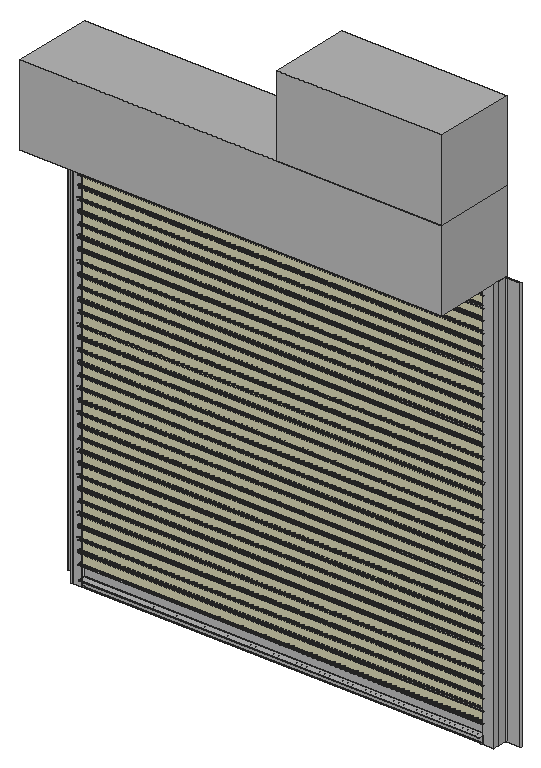
Revit family "Door-Service_Extreme-1024-FaceOfWallMount-Cookson", category Doors, host Wall, Revit 2013
Parameters (values of type "Motor Top Mount Right")
  Windload = "Up to 20psf Ultimate/10psf operable standard.  A full range of specific wind load requirements available- Consult Cookson."  # constant formula
  Wall Construction = "Masonry, Steel , Mounting to Tubes"  # constant formula
  URL Specifications = "http://www.cooksondoor.com/docs/default-source/Specifications/extreme-performance-1024-insulated-rolling-service-door-specification_k.doc"
  URL Photographs = "http://www.cooksondoor.com/product/extreme-1024-high-performance-door"
  URL CAD = "http://www.cornelliron.com/architect-tools-and-resources/drawing-generator"
  URL = "http://www.cooksondoor.com/product/extreme-1024-high-performance-door"
  Sizing Disclaimer = "Up to 30’ wide, 20’ high standard construction. Consult factory for larger sizes"  # constant formula
  Revit Object Download Link = "http://cornellcookson.smartbim.com/download/Door-Service_Extreme-1024-FaceOfWallMount-Cookson"
  Optional Powder Coated Finish Standard RAL Colors Galv Steel and Aluminum Only = yes
  Subcategory = "Roll Up"  # constant formula
  Sound Transmission Class Rating = "Insulated version STC 27, based on a complete, operable door assembly"  # constant formula
  Shutter Panel Width = Width + (2 * 0' 1 255/256")  # 8' - 3 127/128"
  Representative Disclaimer = "Cookson' products are sold and installed through a nationwide network of independent distributors."  # constant formula
  Product Options = "Vision Windows, Fenestrations, Sloping Bottom Bar, Sloped hood"  # constant formula
  Operator Width = Width - 2 * 0' 3 31/128"  # 7' - 5 33/64"
  Opening Width = Width  # 8' - 0"
  Opening Height = Height  # 10' - 0"
  Open Speed = "24 ips max"  # constant formula
  Mounting = "Face of Wall"  # constant formula
  Jamb Dimension Note = "Face of Wall: 4 5/8” to  8 5/16” wide. Consult Cornell Iron Works when dimensions are critical. Between Jambs:  13 13/16\" wide. Consult Cornell Iron Works when dimensions are critical."
  Insulation Solid Polyurethane Visibility = yes
  Insulation Panel = Insulation - CornellIron - Plastic Smooth Ash
  Motor Length = 3' - 4"  # constant formula
  Motor Height = 1' - 7 1/2"  # constant formula
  Motor Depth = 1' - 7 1/2"  # constant formula
  Motor Cover Visibility Top Right Standard = yes
  Motor Cover Visibility Top Left Standard = no
  Motor Cover Visibility Front Right Standard = no
  Motor Cover Visibility Front Left Standard = no
  Model = "Standard EPD1024, Insulated EPI1024"  # constant formula
  Manufacturer = "CornellCookson,Inc."  # constant formula
  LEED Information = "http://www.cooksondoor.com/architect-tools-and-resources/leed-information"
  Jamb Height = Height - Hood Height  # 8' - 4 1/2"
  Hood Height = 1' - 7 1/2"  # constant formula
  Hood Depth = 1' - 7 1/2"  # constant formula
  Hood = Metal - Steel - CornellIron - Steel - w - Powder Coated - Rust Inhibiting Paint
  Guides = Metal - Steel - CornellIron - Steel - w - Powder Coated - Rust Inhibiting Paint
  Function = Interior
  Height = 10' - 0"
  Wall Closure = By host
  Width = 8' - 0"
  Distributor Locator = "http://www.cooksondoor.com/find-a-dealer"
  Description = "Extreme 1024 high-speed, high-cycle doors provide a proven combination of steel door security, minimal maintenance requirements and exceptional cycle life unmatched by other performance doors. Extreme 1024 doors are tested to perform for over a million cycles at an opening speed of up to 24In per second - three times faster than standard coiling or overhead sectional doors. Designed to maximize your return on investment, the 1024 door provides the lowest lifetime cost and lowest cost-per-cycle versus other high-speed slatted products. And, its cost-per-cycle savings dramatically increase when compared to standard coiling doors that may be mistakenly considered for high-cycle openings. Available in standard and insulated curtains."  # constant formula
  Cycle Life = "1,000,000 cycles"  # constant formula
  Curtain Slats Filled w Insulation = Metal - Galvanized Steel - CornellIron - Stainless Steel Brushed - Curtain Only
  Cost Note = "Based on size, materials selected. Consult Cookson."  # constant formula
  Coil Dimension Note = "20In to 26In -  Consult Cookson when dimensions are critical."  # constant formula
  Closing Speed = "12 ips max"  # constant formula
  Chain Height = 5' - 0"  # constant formula
  Bottom Bar = Metal - Steel - CornellIron - Stainless Steel - Double Angle w Powder Coat
  95 CSI = "08330"  # constant formula
  04 CSI = "08 33 00"  # constant formula
  # of Shutter Panles = ((Height - (0' 4 1/8" + Hood Height)) / 0' 2 93/128") + 1  # 36
Types (5): name | Jamb Dimension Note | Motor Cover Visibility Top Right Standard | Motor Cover Visibility Top Left Standard | Motor Cover Visibility Front Right Standard | Motor Cover Visibility Front Left Standard
  (no name) | "Face of Wall: 4 5/8” to  8 5/16” wide. Consult Cornell Iron Works when dimensions are critical. Between Jambs:  13 13/16\" wide. Consult Cornell Iron Works when dimensions are critical." | yes | no | no | no
  Motor Front Mount Left | "Face of Wall: 4 5/8” to  8 5/16” wide. Consult Cookson when dimensions are critical. Between Jambs:  13 13/16\" wide. Consult Cookson when dimensions are critical." | no | no | no | yes
  Motor Front Mount Right | "Face of Wall: 4 5/8” to  8 5/16” wide. Consult Cornell Iron Works when dimensions are critical. Between Jambs:  13 13/16\" wide. Consult Cornell Iron Works when dimensions are critical." | no | no | yes | no
  Motor Top Mount Right | "Face of Wall: 4 5/8” to  8 5/16” wide. Consult Cornell Iron Works when dimensions are critical. Between Jambs:  13 13/16\" wide. Consult Cornell Iron Works when dimensions are critical." | yes | no | no | no
  Motor Top Mount Left | "Face of Wall: 4 5/8” to  8 5/16” wide. Consult Cornell Iron Works when dimensions are critical. Between Jambs:  13 13/16\" wide. Consult Cornell Iron Works when dimensions are critical." | no | yes | no | no
Reference planes (in)
  plane 1 "Center (Front/Back)": y = 0
  plane 2 "Center (Left/Right)": x = 0.00023
  plane 3 "Top": z = 120
  plane 4 "Exterior": y = 3
  plane 5 "Interior": y = -3
  plane 6: z = 3.71875
  plane 7: y = -6
  plane 8: x = 47.49172
  plane 9: x = -47.49172
  plane 10: y = -12.14029
  plane 11: z = 4.12519
  plane 12: x = -45.49316
  plane 13: x = 45.49363
  plane 14: z = 6.85141
  plane 15: z = 100.5
  plane 16 "Left": x = -47.99977
  plane 17: x = -47.74977
  plane 18 "Right": x = 48.00023
  plane 19: x = 47.75023
  plane 20: x = 48.00023
  plane 21: y = -22.5
  plane 22: z = 110.25
  plane 23: y = -12.75
  plane 24: x = -47.99977
  plane 25: z = 0
  plane 26: x = -47.99977
  plane 27: x = 48.00023
  plane 28: x = 46.74575
  plane 29: x = 49.99633
  plane 30: x = -49.99586
  plane 31: x = -48.49977
  plane 32: x = 48.50023
  plane 33: x = 51.00828
  plane 34: x = -51.00781
Forms (in)
  Sweep 1, solid, material "Metal - Steel - CornellIron - Stainless Steel - Double Angle w Powder Coat" <- "Bottom Bar"
    path origin (0, 0, 0) x (1, 0, 0) y (0, 1, 0)
      loop
        line (-48.49977, -6) -> (48.50023, -6)
    profile "Profile_Shutter-Bottom : Parametric" origin (0.00023, -6, 0) x (0, 1, 0) y (0, 0, 1)
      loop
        arc (-1.98389, 1.8432) -> (-2.00598, 1.83405) -> (-2.01514, 1.81195) r 0.03125
        line (-2.01514, 1.81195) -> (-2.01514, 1.7182) -> (-1.02042, 1.7182) -> (-1.02042, 0.27232)
        arc (-1.02042, 0.27232) -> (-0.94066, 0.07976) -> (-0.7481, 0) r 0.27232
        line (-0.7481, 0) -> (0.75043, 0)
        arc (0.75043, 0) -> (0.943, 0.07976) -> (1.02276, 0.27232) r 0.27232
        line (1.02276, 0.27232) -> (1.02276, 1.7182) -> (2.01286, 1.7182) -> (2.01286, 1.81195)
        arc (2.01286, 1.81195) -> (2.00371, 1.83405) -> (1.98161, 1.8432) r 0.03125
        line (1.98161, 1.8432) -> (0.20036, 1.8432)
        arc (0.20036, 1.8432) -> (0.15617, 1.86151) -> (0.13786, 1.9057) r 0.0625
        line (0.13786, 1.9057) -> (0.13786, 3.68695)
        arc (0.13786, 3.68695) -> (0.12871, 3.70905) -> (0.10661, 3.7182) r 0.03125
        line (0.10661, 3.7182) -> (0.01758, 3.7182) -> (0.01758, 1.7182) -> (-0.01758, 1.7182) -> (-0.01758, 3.7182) -> (-0.10889, 3.7182)
        arc (-0.10889, 3.7182) -> (-0.13098, 3.70905) -> (-0.14014, 3.68695) r 0.03125
        line (-0.14014, 3.68695) -> (-0.14014, 1.9057)
        arc (-0.14014, 1.9057) -> (-0.15844, 1.86151) -> (-0.20264, 1.8432) r 0.0625
        line (-0.20264, 1.8432) -> (-1.98389, 1.8432)
  Sweep 2, solid, material "Metal - Galvanized Steel - CornellIron - Stainless Steel Brushed - Curtain Only" <- "Curtain Slats Filled w Insulation"
    path origin (0, 0, 3.71875) x (1, 0, 0) y (0, 1, 0)
      loop
        line (-49.99586, -6) -> (49.99633, -6)
    profile "Profile_Shutter-Bottom Piece : Parametric" origin (0.00023, -6, 3.71875) x (0, 1, 0) y (0, 0, 1)
      loop
        arc (-0.37489, 0.23753) -> (-0.35382, 0.58971) -> (-0.03361, 0.44159) r 0.21354
        line (-0.03361, 0.44159) -> (-0.00349, 0.45138)
        arc (-0.00349, 0.45138) -> (-0.38162, 0.60918) -> (-0.37521, 0.1995) r 0.24491
        line (-0.37521, 0.1995) -> (-0.04434, 0.03306)
        arc (-0.04434, 0.03306) -> (-0.02406, 0.01446) -> (-0.01656, -0.01202) r 0.05046
        line (-0.01656, -0.01202) -> (-0.01656, -2.00055) -> (0.01757, -2.00055) -> (0.01757, -0.01202)
        arc (0.01757, -0.01202) -> (0.00499, 0.03237) -> (-0.02901, 0.06355) r 0.08459
        line (-0.02901, 0.06355) -> (-0.37489, 0.23753)
  Sweep 3, solid, material "Metal - Steel - CornellIron - Steel - w - Powder Coated - Rust Inhibiting Paint" <- "Hood"
    path origin (108.1488, 12, 100.5) x (1, 0, 0) y (0, 1, 0)
      loop
        line (-159.15661, -18) -> (-57.14052, -18)
    profile "Profile_Hood-CornellIron : Parametric" origin (0.00023, -6, 100.5) x (0, 1, 0) y (0, 0, 1)
      loop
        line (3, 19.5) -> (-16.5, 19.5) -> (-16.5, 0) -> (3, 0) -> (3, 19.5)
Lines and regions (in)
  Opening 1
    outline origin (-90, -3, 0) x (1, 0, 0) y (0, 0, 1)
      loop
        line (42.00023, 0) -> (138.00023, 0) -> (138.00023, 120) -> (42.00023, 120) -> (42.00023, 0)
  symbolic lines, style "Hood"
    curve 1: line (-51.00781, -3, 100.5) -> (-51.00781, -22.5, 100.5)
    curve 2: line (-51.00781, -22.5, 100.5) -> (51.00828, -22.5, 100.5)
    curve 3: line (51.00828, -3, 100.5) -> (51.00828, -22.5, 100.5)
    curve 4: line (-51.00781, -3, 100.5) -> (51.00828, -3, 100.5)
  symbolic lines, style "Doors"
    curve 5: line (49.99633, -5.75926, 100.5) -> (-49.99586, -5.75926, 100.5)
    curve 6: line (-49.99586, -5.75926, 100.5) -> (-49.99586, -6.52619, 100.5)
    curve 7: line (-49.99586, -6.52619, 100.5) -> (49.99633, -6.52619, 100.5)
    curve 8: line (49.99633, -6.52619, 100.5) -> (49.99633, -5.75926, 100.5)
    curve 9: line (-48.49977, -3.98714, 100.5) -> (48.50023, -3.98714, 100.5)
    curve 10: line (-48.49977, -8.01514, 100.5) -> (-48.49977, -6.52619, 100.5)
    curve 11: line (48.50023, -8.01514, 100.5) -> (-48.49977, -8.01514, 100.5)
    curve 12: line (48.50023, -3.98714, 100.5) -> (48.50023, -5.75926, 100.5)
    curve 13: line (-48.49977, -5.75926, 100.5) -> (-48.49977, -3.98714, 100.5)
    curve 14: line (48.50023, -6.52619, 100.5) -> (48.50023, -8.01514, 100.5)
Text (in)
  text "Exterior" at (-158.51321, 27.31104, 0), in view "Ref. Level"
  text "Interior" at (-158.51321, -25.14366, 0), in view "Ref. Level"
  text "Exterior" at (0, 40.15149, 123.01588), in view "Right"
  text "Interior" at (0, -64.39139, 123.01588), in view "Right"
  text "Interior" at (0, -31.01599, 123.00693), in view "Left"
  text "Exterior" at (0, 54.57065, 123.00693), in view "Left"
Dimensions and locks (in)
  "Height": level to plane 3 "Top"
  locked: level to plane 6 at 3.71875
  locked: plane 11 to plane 6 at 0.40644
  locked: plane 14 to plane 11 at 2.72622
  "Hood Height": plane 15 to plane 3 "Top"
  locked: plane 16 "Left" to plane 17 at 0.25
  locked: plane 18 "Right" to plane 19 at 0.25
  locked: plane 18 "Right" to plane 20
  equal spacing: plane 3 "Top", plane 22, plane 15
  locked: plane 24 to plane 16 "Left"
  equal spacing: plane 16 "Left", plane 2 "Center (Left/Right)", plane 18 "Right"
  "Width": plane 16 "Left" to plane 18 "Right"
  "Hood Depth": plane 21 to plane 5 "Interior"
  equal spacing: plane 21, plane 23, plane 5 "Interior"
  locked: plane 7 to plane 5 "Interior" at 3
  locked: plane 18 "Right" to plane 28 at 1.25449
  equal spacing: plane 16 "Left", plane 26, plane 24
  equal spacing: plane 18 "Right", plane 27, plane 20
  locked: plane 16 "Left" to plane 9 at 0.50805
  locked: plane 8 to plane 18 "Right" at 0.50852
  locked: plane 18 "Right" to plane 29 at 1.99609
  locked: plane 30 to plane 16 "Left" at 1.99609
  locked: plane 13 to plane 18 "Right" at 2.50661
  locked: plane 16 "Left" to plane 12 at 2.50661
  locked: plane 31 to plane 26 at 0.5
  locked: plane 27 to plane 32 at 0.5
  locked: plane 33 to plane 27 at 3.00805
  locked: plane 34 to plane 26 at 3.00805
  equal spacing: group 1, group 2, group 3, group 4, group 5, group 6, group 7, group 8, group 9, group 10, group 11, group 12, group 13, group 14, group 15, group 16, group 17, group 18, group 19, group 20, group 21, group 22, group 23, group 24, group 25, group 26, group 27, group 28, group 29, group 30, group 31, group 32, group 33, group 34, group 35, group 36  (x3)
  aligned and locked: plane 3 "Top" to Opening 1 sketch curve  (x2)
  aligned and locked: Opening 1 sketch curve to level
  aligned and locked: plane 4 "Exterior" to host wall
  aligned and locked: host wall to plane 5 "Interior"
  aligned and locked: level to nested 1
  aligned and locked: nested 2 to level
  aligned and locked: Sweep 1 sketch curve to plane 7
  aligned and locked: Sweep 2 sketch curve to plane 7
  aligned and locked: nested 3 to plane 11
  aligned and locked: nested 3 to plane 7
  aligned and locked: plane 15 to nested 4
  aligned and locked: plane 21 to nested 4
  aligned and locked: nested 6 to plane 21
  aligned and locked: nested 5 to plane 3 "Top"
  aligned and locked: plane 3 "Top" to nested 7
  aligned and locked: plane 25 to level
  aligned and locked: plane 3 "Top" to nested 6
  aligned and locked: curve 2 to plane 21
  aligned and locked: plane 18 "Right" to Opening 1 sketch curve
  aligned and locked: Sweep 3 sketch curve to plane 7
  aligned and locked: plane 5 "Interior" to nested 7
  aligned and locked: nested 5 to plane 5 "Interior"
  aligned and locked: nested 1 to plane 5 "Interior"
  aligned and locked: plane 31 to nested 1
  aligned and locked: plane 30 to Sweep 2 sketch curve
  aligned and locked: plane 5 "Interior" to nested 2
  aligned and locked: plane 32 to nested 2
  aligned and locked: plane 29 to Sweep 2 sketch curve
  aligned and locked: nested 3 to plane 2 "Center (Left/Right)"
  aligned and locked: plane 31 to Sweep 1 sketch curve
  aligned and locked: plane 32 to Sweep 1 sketch curve
  aligned and locked: plane 34 to Sweep 3 sketch curve
  aligned and locked: nested 6 to Sweep 3
  aligned and locked: plane 33 to Sweep 3 sketch curve
  aligned and locked: nested 4 to Sweep 3
  aligned and locked: nested 7 to Sweep 3
  aligned and locked: plane 14 to nested 8
  aligned and locked: nested 8 to nested 3
  aligned and locked: nested 8 to plane 2 "Center (Left/Right)"
  aligned and locked: nested 7 to curve 1
  aligned and locked: nested 5 to curve 3
  aligned and locked: nested 5 to nested 4
  aligned and locked: curve 5 to nested 23
  aligned and locked: curve 6 to nested 23
  aligned and locked: curve 7 to nested 23
  aligned and locked: curve 8 to nested 23
  aligned and locked: curve 9 to Sweep 1
  aligned and locked: curve 10 to Sweep 1
  aligned and locked: curve 11 to Sweep 1
  aligned and locked: curve 12 to Sweep 1
Automatic sketch dimensions
  Opening 1 sketch curve to plane 16 "Left" = 0' - 0"
  curve 6 to plane 30 = 0' - 0"
  curve 8 to plane 29 = 0' - 0"
  host wall to curve 3 = 0' - 0"
  curve 8 to plane 7 = 0' - 0.52619"
  plane 7 to curve 5 = 0' - 0.24074"
  plane 7 to curve 13 = 0' - 0.24074"
  plane 7 to curve 12 = 0' - 0.24074"
  curve 11 to plane 32 = 0' - 0"
  curve 14 to plane 7 = 0' - 0.52619"
  curve 9 to plane 31 = 0' - 0"
  curve 10 to plane 7 = 0' - 0.52619"
Nested families (in)
  nested 1: "Jamb-Guide_Wall-CornellIron" at (-53.00247, -4.5, 0), type "Parametric"
    with Height 8' - 4 1/2"
  nested 2: "Jamb-Guide_Wall-CornellIron" at (53.00293, -4.5, 0) x (-1, 0, 0) z (0, 0, 1), type "Parametric"
    with Height 8' - 4 1/2"
  nested 3: "Shutter_Panel-CornellIron" at (-0.2095, -6.14003, 3.92168), type "Parametric"
    with Width 8' - 3 127/128"
  nested 4: "Operator-CornellIron" at (3.00828, -3, -19.5), AFFL <- "Height", Motor Cover <- "Motor Cover Visibility Front Right Standard", type "Parametric"
    with Motor Cover no, Chain Visibility no, AFFL 10' - 0"
  nested 5: "Operator-CornellIron" at (3.00828, 16.5, 0), Motor Cover <- "Motor Cover Visibility Top Right Standard", AFFL <- "Height", type "Parametric"
    with Motor Cover yes, Chain Visibility no, AFFL 10' - 0"
  nested 6: "Operator-CornellIron" at (-3.00781, -3, -19.5) x (-1, 0, 0) z (0, 0, 1), AFFL <- "Height", Motor Cover <- "Motor Cover Visibility Front Left Standard", type "Parametric"
    with Motor Cover no, Chain Visibility yes, AFFL 10' - 0"
  nested 7: "Operator-CornellIron" at (-3.00781, 16.5, 0) x (-1, 0, 0) z (0, 0, 1), Motor Cover <- "Motor Cover Visibility Top Left Standard", AFFL <- "Height", type "Parametric"
    with Motor Cover no, Chain Visibility no, AFFL 10' - 0"
  nested 8: "Shutter_Panel-CornellIron" at (-0.2095, -6.14003, 6.6479), type "Parametric"
    with Width 8' - 3 127/128"
  nested 9: "Shutter_Panel-CornellIron" at (-0.2095, -6.14003, 9.37412), type "Parametric"
    with Width 8' - 3 127/128"
  nested 10: "Shutter_Panel-CornellIron" at (-0.2095, -6.14003, 12.10034), type "Parametric"
    with Width 8' - 3 127/128"
  nested 11: "Shutter_Panel-CornellIron" at (-0.2095, -6.14003, 14.82656), type "Parametric"
    with Width 8' - 3 127/128"
  nested 12: "Shutter_Panel-CornellIron" at (-0.2095, -6.14003, 17.55278), type "Parametric"
    with Width 8' - 3 127/128"
  nested 13: "Shutter_Panel-CornellIron" at (-0.2095, -6.14003, 20.27901), type "Parametric"
    with Width 8' - 3 127/128"
  nested 14: "Shutter_Panel-CornellIron" at (-0.2095, -6.14003, 23.00523), type "Parametric"
    with Width 8' - 3 127/128"
  nested 15: "Shutter_Panel-CornellIron" at (-0.2095, -6.14003, 25.73145), type "Parametric"
    with Width 8' - 3 127/128"
  nested 16: "Shutter_Panel-CornellIron" at (-0.2095, -6.14003, 28.45767), type "Parametric"
    with Width 8' - 3 127/128"
  nested 17: "Shutter_Panel-CornellIron" at (-0.2095, -6.14003, 31.18389), type "Parametric"
    with Width 8' - 3 127/128"
  nested 18: "Shutter_Panel-CornellIron" at (-0.2095, -6.14003, 33.91011), type "Parametric"
    with Width 8' - 3 127/128"
  nested 19: "Shutter_Panel-CornellIron" at (-0.2095, -6.14003, 36.63633), type "Parametric"
    with Width 8' - 3 127/128"
  nested 20: "Shutter_Panel-CornellIron" at (-0.2095, -6.14003, 39.36256), type "Parametric"
    with Width 8' - 3 127/128"
  nested 21: "Shutter_Panel-CornellIron" at (-0.2095, -6.14003, 42.08878), type "Parametric"
    with Width 8' - 3 127/128"
  nested 22: "Shutter_Panel-CornellIron" at (-0.2095, -6.14003, 44.815), type "Parametric"
    with Width 8' - 3 127/128"
  nested 23: "Shutter_Panel-CornellIron" at (-0.2095, -6.14003, 47.54122), type "Parametric"
    with Width 8' - 3 127/128"
  nested 24: "Shutter_Panel-CornellIron" at (-0.2095, -6.14003, 50.26744), type "Parametric"
    with Width 8' - 3 127/128"
  nested 25: "Shutter_Panel-CornellIron" at (-0.2095, -6.14003, 52.99366), type "Parametric"
    with Width 8' - 3 127/128"
  nested 26: "Shutter_Panel-CornellIron" at (-0.2095, -6.14003, 55.71988), type "Parametric"
    with Width 8' - 3 127/128"
  nested 27: "Shutter_Panel-CornellIron" at (-0.2095, -6.14003, 58.44611), type "Parametric"
    with Width 8' - 3 127/128"
  nested 28: "Shutter_Panel-CornellIron" at (-0.2095, -6.14003, 61.17233), type "Parametric"
    with Width 8' - 3 127/128"
  nested 29: "Shutter_Panel-CornellIron" at (-0.2095, -6.14003, 63.89855), type "Parametric"
    with Width 8' - 3 127/128"
  nested 30: "Shutter_Panel-CornellIron" at (-0.2095, -6.14003, 66.62477), type "Parametric"
    with Width 8' - 3 127/128"
  nested 31: "Shutter_Panel-CornellIron" at (-0.2095, -6.14003, 69.35099), type "Parametric"
    with Width 8' - 3 127/128"
  nested 32: "Shutter_Panel-CornellIron" at (-0.2095, -6.14003, 72.07721), type "Parametric"
    with Width 8' - 3 127/128"
  nested 33: "Shutter_Panel-CornellIron" at (-0.2095, -6.14003, 74.80343), type "Parametric"
    with Width 8' - 3 127/128"
  nested 34: "Shutter_Panel-CornellIron" at (-0.2095, -6.14003, 77.52966), type "Parametric"
    with Width 8' - 3 127/128"
  nested 35: "Shutter_Panel-CornellIron" at (-0.2095, -6.14003, 80.25588), type "Parametric"
    with Width 8' - 3 127/128"
  nested 36: "Shutter_Panel-CornellIron" at (-0.2095, -6.14003, 82.9821), type "Parametric"
    with Width 8' - 3 127/128"
  nested 37: "Shutter_Panel-CornellIron" at (-0.2095, -6.14003, 85.70832), type "Parametric"
    with Width 8' - 3 127/128"
  nested 38: "Shutter_Panel-CornellIron" at (-0.2095, -6.14003, 88.43454), type "Parametric"
    with Width 8' - 3 127/128"
  nested 39: "Shutter_Panel-CornellIron" at (-0.2095, -6.14003, 91.16076), type "Parametric"
    with Width 8' - 3 127/128"
  nested 40: "Shutter_Panel-CornellIron" at (-0.2095, -6.14003, 93.88698), type "Parametric"
    with Width 8' - 3 127/128"
  nested 41: "Shutter_Panel-CornellIron" at (-0.2095, -6.14003, 96.61321), type "Parametric"
    with Width 8' - 3 127/128"
  nested 42: "Shutter_Panel-CornellIron" at (-0.2095, -6.14003, 99.33943), type "Parametric"
    with Width 8' - 3 127/128"
Definition of nested family "Jamb-Guide_Wall-CornellIron"
  Parameters (values of type "Parametric")
    Height = 10' - 6 1/2"
    Guide = Metal - Steel - CornellIron - Steel - w - Powder Coated - Rust Inhibiting Paint
    Default Elevation = 0' - 0"
    Assembly Code = ""
  Reference planes (in)
    plane 1 "Center (Front/Back)": y = 0
    plane 2: z = 0
    plane 3 "Center (Left/Right)": x = 0
    plane 4: z = 126.5
    plane 5: y = 1.625
    plane 6: y = 1.875
    plane 7: x = -3.4973
    plane 8: y = 1.5
    plane 9: y = -2.56497
    plane 10: x = 4.5027
    plane 11: y = 1.875
    plane 12: y = 1.875
    plane 13: y = -1.74985
  Forms (in)
    Sweep 1, solid, material "Metal - Steel - CornellIron - Steel - w - Powder Coated - Rust Inhibiting Paint" <- "Guide", detail levels fine
      path origin (0, 0, 0) x (1, 0, 0) y (0, 0, 1)
        loop
          line (0, 0) -> (0, 126.5)
      profile origin (0, 0, 63.25) x (-1, 0, 0) y (0, -1, 0)
        loop
          line (-1.99465, 2.56497) -> (-4.5027, 2.56497)
          arc (-4.5027, 2.56497) -> (-4.45373, 2.44674) -> (-4.3355, 2.39777) r 0.1672
          line (-4.3355, 2.39777) -> (-2.41266, 2.39777)
          arc (-2.41266, 2.39777) -> (-2.23531, 2.32431) -> (-2.16186, 2.14696) r 0.2508
          line (-2.16186, 2.14696) -> (-2.16186, 1.10194) -> (-4.5027, 1.10194)
          arc (-4.5027, 1.10194) -> (-4.45373, 0.98371) -> (-4.3355, 0.93474) r 0.1672
          line (-4.3355, 0.93474) -> (-2.57986, 0.93474)
          arc (-2.57986, 0.93474) -> (-2.40252, 0.86128) -> (-2.32906, 0.68393) r 0.2508
          line (-2.32906, 0.68393) -> (-2.32906, -0.40289)
          arc (-2.32906, -0.40289) -> (-2.28009, -0.52112) -> (-2.16186, -0.57009) r 0.1672
          arc (-2.16186, -0.57009) -> (-2.11288, -0.68832) -> (-1.99465, -0.73729) r 0.1672
          line (-1.99465, -0.73729) -> (-1.99465, -1.25) -> (1.74348, -1.25)
          arc (1.74348, -1.25) -> (1.69874, -1.12466) -> (1.57664, -1.0717) r 0.1672
          line (1.57664, -1.0717) -> (-1.57664, -1.0717)
          arc (-1.57664, -1.0717) -> (-1.75399, -0.99824) -> (-1.82745, -0.82089) r 0.2508
          line (-1.82745, -0.82089) -> (-1.82745, 1.10194)
          arc (-1.82745, 1.10194) -> (-1.94568, 1.05297) -> (-1.99465, 0.93474) r 0.1672
          line (-1.99465, 0.93474) -> (-1.99465, 2.56497)
    Sweep 2, solid, material "Metal - Steel - CornellIron - Steel - w - Powder Coated - Rust Inhibiting Paint" <- "Guide", detail levels medium
      path origin (-10.25, 0, 0) x (1, 0, 0) y (0, 0, 1)
        loop
          line (10.25, 0) -> (10.25, 126.5)
      profile origin (0, 0, 63.25) x (-1, 0, 0) y (0, -1, 0)
        loop
          line (1.74348, -1.25) -> (1.74348, -1.0717) -> (-1.82745, -1.0717) -> (-1.82745, 1.5) -> (-1.99465, 1.5) -> (-1.99465, 2.56497) -> (-4.5027, 2.56497) -> (-4.5027, 2.39777) -> (-2.16186, 2.39777) -> (-2.16186, 1.10194) -> (-4.5027, 1.10194) -> (-4.5027, 0.93474) -> (-2.32906, 0.93474) -> (-2.32906, -1.25) -> (1.74348, -1.25)
    Sweep 3, solid, material "Metal - Steel - CornellIron - Steel - w - Powder Coated - Rust Inhibiting Paint" <- "Guide", detail levels coarse
      path origin (0.40267, 0, 0) x (1, 0, 0) y (0, 0, 1)
        loop
          line (-0.40267, 0) -> (-0.40267, 126.5)
      profile origin (0, 0, 63.25) x (-1, 0, 0) y (0, -1, 0)
        loop
          line (1.74348, -1.25) -> (1.74348, 1.5) -> (-1.99465, 1.5) -> (-1.99465, 2.56497) -> (-4.5027, 2.56497) -> (-4.5027, 2.39777) -> (-2.16186, 2.39777) -> (-2.16186, 1.10194) -> (-4.5027, 1.10194) -> (-4.5027, 0.93474) -> (-2.32906, 0.93474) -> (-2.32906, -1.25) -> (1.74348, -1.25)
  Lines and regions (in)
    symbolic lines, style "DoorsFrameMullionProjection", detail levels fine
      curve 1: line (1.99465, -0.93474, 0) -> (1.99465, 1.25, 0)
      curve 2: line (2.16186, -1.121, 0) -> (2.16186, 0.57009, 0)
      curve 3: line (-1.74348, 1.25, 0) -> (0.73125, 1.25, 0)
      curve 5: arc (-3.2473, -1.4375, 0) -> (-3.26561, -1.48169, 0) -> (-3.3098, -1.5, 0) r 0.0625
      curve 9: arc (0.3777, 1.5, 0) -> (0.59421, 1.43119, 0) -> (0.73125, 1.25, 0) r 0.375
      curve 10: arc (-3.1223, 1.25, 0) -> (-3.21069, 1.21339, 0) -> (-3.2473, 1.125, 0) r 0.125
      curve 11: line (-3.1223, 1.25, 0) -> (-1.74348, 1.25, 0)
      curve 12: line (0.73125, 1.25, 0) -> (1.99465, 1.25, 0)
      curve 13: arc (-1.57664, 1.0717, 0) -> (-1.69874, 1.12466, 0) -> (-1.74348, 1.25, 0) r 0.1672
      curve 15: arc (1.82745, 0.82089, 0) -> (1.75399, 0.99824, 0) -> (1.57664, 1.0717, 0) r 0.2508
      curve 17: arc (1.99465, -0.93474, 0) -> (1.94568, -1.05297, 0) -> (1.82745, -1.10194, 0) r 0.1672
      curve 18: line (1.99465, -0.93474, 0) -> (1.99465, -1.5, 0)
      curve 20: arc (4.3355, -2.39777, 0) -> (4.45373, -2.44674, 0) -> (4.5027, -2.56497, 0) r 0.1672
      curve 22: arc (2.16186, -2.14696, 0) -> (2.23531, -2.32431, 0) -> (2.41266, -2.39777, 0) r 0.2508
      curve 24: arc (2.16186, 0.57009, 0) -> (2.28009, 0.52112, 0) -> (2.32906, 0.40289, 0) r 0.1672
      curve 26: arc (2.32906, -0.68393, 0) -> (2.40252, -0.86128, 0) -> (2.57986, -0.93474, 0) r 0.2508
      curve 28: arc (4.3355, -0.93474, 0) -> (4.45373, -0.98371, 0) -> (4.5027, -1.10194, 0) r 0.1672
      curve 30: arc (1.99465, 0.73729, 0) -> (2.11288, 0.68832, 0) -> (2.16186, 0.57009, 0) r 0.1672
      curve 46: line (-3.2473, 1.0717, 0) -> (-3.2473, 1.125, 0)
    symbolic lines, style "DoorsFrameMullionProjection"
      curve 4: line (-3.4973, -1.5, 0) -> (-3.3098, -1.5, 0)
      curve 7: line (-3.4973, 1.5, 0) -> (-3.4973, -1.5, 0)
      curve 8: line (0.3777, 1.5, 0) -> (-3.4973, 1.5, 0)
      curve 19: line (1.99465, -2.56497, 0) -> (4.5027, -2.56497, 0)
      curve 21: line (4.3355, -2.39777, 0) -> (2.41266, -2.39777, 0)
      curve 23: line (2.16186, -2.14696, 0) -> (2.16186, -1.10194, 0)
      curve 25: line (2.32906, -0.68393, 0) -> (2.32906, 0.40289, 0)
      curve 27: line (4.3355, -0.93474, 0) -> (2.57986, -0.93474, 0)
      curve 29: line (2.16186, -1.10194, 0) -> (4.5027, -1.10194, 0)
      curve 47: line (1.99465, -1.5, 0) -> (1.99465, -2.56497, 0)
    symbolic lines, style "DoorsFrameMullionProjection", detail levels medium+fine
      curve 6: line (-3.2473, -1.4375, 0) -> (-3.2473, 1.0717, 0)
      curve 14: line (-1.57664, 1.0717, 0) -> (1.57664, 1.0717, 0)
      curve 16: line (1.82745, 0.82089, 0) -> (1.82745, -1.10194, 0)
    symbolic lines, style "DoorsFrameMullionProjection", detail levels medium
      curve 31: line (1.57664, 1.0717, 0) -> (1.82745, 1.0717, 0)
      curve 32: line (1.82745, 1.0717, 0) -> (1.82745, 0.82089, 0)
      curve 33: line (-3.2473, 1.0717, 0) -> (-1.57664, 1.0717, 0)
      curve 34: line (1.82745, -1.10194, 0) -> (1.82745, -1.5, 0)
      curve 48: line (-3.2473, -1.4375, 0) -> (-3.2473, -1.5, 0)
    symbolic lines, style "DoorsFrameMullionProjection", detail levels coarse+medium
      curve 35: line (1.82745, -1.5, 0) -> (1.99465, -1.5, 0)
      curve 36: line (2.16186, -2.14696, 0) -> (2.16186, -2.39777, 0)
      curve 37: line (2.16186, -2.39777, 0) -> (2.41266, -2.39777, 0)
      curve 38: line (4.3355, -2.39777, 0) -> (4.5027, -2.39777, 0)
      curve 39: line (4.5027, -2.39777, 0) -> (4.5027, -2.56497, 0)
      curve 40: line (2.32906, -0.68393, 0) -> (2.32906, -0.93474, 0)
      curve 41: line (2.32906, -0.93474, 0) -> (2.57986, -0.93474, 0)
      curve 42: line (4.3355, -0.93474, 0) -> (4.5027, -0.93474, 0)
      curve 43: line (4.5027, -0.93474, 0) -> (4.5027, -1.10194, 0)
      curve 44: line (0.3777, 1.5, 0) -> (2.32906, 1.5, 0)
      curve 45: line (2.32906, 1.5, 0) -> (2.32906, 0.40289, 0)
      curve 49: line (-3.3098, -1.5, 0) -> (-3.2473, -1.5, 0)
    symbolic lines, style "DoorsFrameMullionProjection", detail levels coarse
      curve 50: line (-3.2473, -1.5, 0) -> (1.82745, -1.5, 0)
    model lines, style "DoorsFrameMullionProjection", detail levels fine
      curve 51: line (-1.74348, 1.25, 126.5) -> (0.73125, 1.25, 126.5)
      curve 52: line (1.99465, -0.93474, 126.5) -> (1.99465, 0.73729, 126.5)
      curve 53: line (2.16186, 0.57009, 126.5) -> (2.16186, -1.10194, 126.5)
      curve 54: line (-1.74348, 1.25, 0) -> (0.73125, 1.25, 0)
      curve 55: line (1.99465, -0.93474, 0) -> (1.99465, 0.73729, 0)
      curve 56: line (2.16186, 0.57009, 0) -> (2.16186, -1.10194, 0)
  Dimensions and locks (in)
    "Height": plane 4 to plane 2
    plane 8 to plane 1 "Center (Front/Back)" to plane 9 = 0' - 1 1/2" locked, 0' - 2.56497" locked
    plane 7 to plane 3 "Center (Left/Right)" to plane 10 = 0' - 3.4973" locked, 0' - 4.5027" locked
    aligned and locked: plane 2 to level
    aligned and locked: plane 4 to Sweep 1 sketch curve
    aligned and locked: plane 2 to Sweep 1 sketch curve
    aligned and locked: plane 3 "Center (Left/Right)" to Sweep 1 sketch curve
    aligned and locked: Sweep 2 sketch curve to plane 3 "Center (Left/Right)"
    aligned and locked: plane 4 to Sweep 2 sketch curve
    aligned and locked: level to Sweep 2 sketch curve
    aligned and locked: plane 3 "Center (Left/Right)" to Sweep 3 sketch curve
    aligned and locked: plane 4 to Sweep 3 sketch curve
    aligned and locked: level to Sweep 3 sketch curve
    aligned and locked: Sweep 2 sketch curve to Sweep 3
  Automatic sketch dimensions
    plane 1 "Center (Front/Back)" to Sweep 1 sketch curve = 0' - 1.10194"
    profile plane to Sweep 1 sketch curve = 0' - 4.5027"
    Sweep 1 sketch curve to Sweep 1 sketch curve = 0' - 0"  (x3)
    Sweep 1 sketch curve to Sweep 1 sketch curve = 0' - 0.1672"  (x8)
    plane 1 "Center (Front/Back)" to Sweep 1 sketch curve = 0' - 0.68393"
    Sweep 1 sketch curve to Sweep 1 sketch curve = 0' - 1.75563"
    Sweep 1 sketch curve to Sweep 1 sketch curve = 0' - 0.2508"  (x2)
    Sweep 1 sketch curve to profile plane = 0' - 1.57664"
    Sweep 1 sketch curve to Sweep 1 sketch curve = 0' - 0.0836"
    Sweep 1 sketch curve to Sweep 1 sketch curve = 0' - 1.04502"
    plane 1 "Center (Front/Back)" to Sweep 2 sketch curve = 0' - 1.10194"
    profile plane to Sweep 2 sketch curve = 0' - 4.5027"
    Sweep 2 sketch curve to Sweep 2 sketch curve = 0' - 0"
    Sweep 2 sketch curve to plane 11 = 0' - 0 5/8"
    profile plane to Sweep 2 sketch curve = 0' - 2.32906"
    Sweep 2 sketch curve to Sweep 2 sketch curve = 0' - 0.1672"  (x5)
    Sweep 2 sketch curve to Sweep 2 sketch curve = 0' - 0.39806"
    Sweep 2 sketch curve to Sweep 2 sketch curve = 0' - 0.89777"
    curve 51 to Sweep 1 = 0' - 0"
    curve 52 to Sweep 1 = 0' - 0"  (x2)
    curve 53 to Sweep 1 = 0' - 0"  (x2)
    Sweep 1 to curve 52 = 0' - 0.33441"
    curve 52 to curve 53 = 0' - 0.1672"
    Sweep 1 to curve 51 = 0' - 1.0962"
    curve 55 to Sweep 1 = 0' - 0"  (x2)
    curve 56 to Sweep 1 = 0' - 0"  (x2)
    curve 55 to Sweep 1 = 0' - 0.33441"
    curve 55 to curve 56 = 0' - 0.1672"
    curve 54 to Sweep 1 = 0' - 1.0962"
    curve 7 to plane 7 = 0' - 0"
    curve 44 to plane 8 = 0' - 0"
    plane 9 to curve 19 = 0' - 0"
    curve 39 to plane 10 = 0' - 0"
    curve 42 to plane 10 = 0' - 0"
    curve 4 to plane 7 = 0' - 0 3/16"
    curve 4 to curve 49 = 0' - 0 1/16"
    curve 46 to curve 11 = 0' - 0 1/8"
    curve 13 to plane 8 = 0' - 0 1/4"
    curve 10 to curve 13 = 0' - 1.37882"
    curve 3 to curve 13 = 0' - 0.16683"
    plane 3 "Center (Left/Right)" to curve 44 = 0' - 0.3777"
    curve 9 to curve 3 = 0' - 0.35355"
    curve 15 to plane 8 = 0' - 0.67911"
    curve 3 to curve 15 = 0' - 0.84539"
    plane 3 "Center (Left/Right)" to curve 34 = 0' - 1.82745"
    curve 34 to curve 47 = 0' - 0.1672"
    curve 19 to curve 37 = 0' - 0.1672"
    curve 2 to curve 23 = 0' - 0"
    curve 24 to curve 25 = 0' - 0.1672"
    curve 36 to curve 22 = 0' - 0.2508"
    curve 40 to curve 27 = 0' - 0.2508"
    curve 28 to plane 10 = 0' - 0.1672"
    curve 4 to plane 9 = 0' - 1.06497"
    curve 18 to curve 2 = 0' - 0.379"
    curve 2 to curve 23 = 0' - 0.01906"
    curve 16 to curve 23 = 0' - 0"
    curve 45 to plane 1 "Center (Front/Back)" = 0' - 0.40289"
    curve 20 to curve 20 = 0' - 0.1672"
    plane 1 "Center (Front/Back)" to Sweep 3 sketch curve = 0' - 0.93474"
    profile plane to Sweep 3 sketch curve = 0' - 4.5027"
    Sweep 3 sketch curve to Sweep 3 sketch curve = 0' - 0"
    Sweep 3 sketch curve to Sweep 3 sketch curve = 0' - 2.17364"
    Sweep 3 sketch curve to Sweep 3 sketch curve = 0' - 0.1672"  (x4)
    Sweep 3 sketch curve to profile plane = 0' - 1.74348"
    Sweep 3 sketch curve to Sweep 3 sketch curve = 0' - 0.89777"
    Sweep 3 sketch curve to plane 12 = 0' - 0 5/8"
    Sweep 3 sketch curve to Sweep 3 sketch curve = 0' - 0.39806"
    Sweep 2 sketch curve to Sweep 2 sketch curve = 0' - 0.1783"
    Sweep 1 sketch curve to Sweep 1 sketch curve = 0' - 0.16683"
    Sweep 1 sketch curve to Sweep 1 sketch curve = 0' - 0.1783"
    Sweep 1 sketch curve to plane 1 "Center (Front/Back)" = 0' - 0.40289"
    curve 51 to curve 51 = 0' - 2.47473"
    Sweep 1 to curve 54 = 0' - 0"
    curve 54 to curve 54 = 0' - 2.47473"
Definition of nested family "Shutter_Panel-CornellIron"
  Parameters (values of type "Parametric")
    Width = 7' - 0"
    Panel Insulation = none
    Panel = Metal - Galvanized Steel - CornellIron - Stainless Steel Brushed - Curtain Only
    Insulation Solid Polyurethane Visibility = yes
    Default Elevation = 4' - 0"
    Assembly Code = ""
  Reference planes (in)
    plane 1 "Center (Front/Back)": y = 0
    plane 2: z = 0
    plane 3 "Center (Left/Right)": x = 0.20973
    plane 4: x = -41.79027
    plane 5: x = 42.20973
    plane 6: z = 2.92935
    plane 7: y = 0.10446
    plane 8: z = 0.20351
    plane 9: y = -0.14003
    plane 10: y = 0.38616
    plane 11: y = -0.38076
  Forms (in)
    Sweep 1, solid, material "Metal - Galvanized Steel - CornellIron - Stainless Steel Brushed - Curtain Only" <- "Panel"
      path origin (0, 0, 0) x (1, 0, 0) y (0, 1, 0)
        loop
          line (-41.79027, 0) -> (42.20973, 0)
      profile "Shutter Profile : Shutter Profile" origin (0.20973, 0, 0) x (0, 1, 0) y (0, 0, 1)
        loop
          arc (-0.1196, 3.00215) -> (0.28146, 3.08482) -> (0.14774, 2.69777) r 0.23559
          line (0.14774, 2.69777) -> (-0.19229, 2.69777)
          arc (-0.19229, 2.69777) -> (-0.32556, 2.64256) -> (-0.38076, 2.50929) r 0.18847
          line (-0.38076, 2.50929) -> (-0.38076, 0.15639)
          arc (-0.38076, 0.15639) -> (-0.33496, 0.04581) -> (-0.22437, 0) r 0.15639
          line (-0.22437, 0) -> (0.10446, 0)
          arc (0.10446, 0) -> (0.2691, 0.32313) -> (-0.08909, 0.2664) r 0.20351
          line (-0.08909, 0.2664) -> (-0.04524, 0.25215)
          arc (-0.04524, 0.25215) -> (0.23179, 0.29602) -> (0.10446, 0.04612) r 0.15739
          line (0.10446, 0.04612) -> (-0.22437, 0.04612)
          arc (-0.22437, 0.04612) -> (-0.30235, 0.07841) -> (-0.33465, 0.15639) r 0.11028
          line (-0.33465, 0.15639) -> (-0.33465, 2.50929)
          arc (-0.33465, 2.50929) -> (-0.29295, 2.60995) -> (-0.19229, 2.65165) r 0.14236
          line (-0.19229, 2.65165) -> (0.15182, 2.65165)
          arc (0.15182, 2.65165) -> (0.31758, 3.11357) -> (-0.16346, 3.0164) r 0.28171
          line (-0.16346, 3.0164) -> (-0.1196, 3.00215)
  Lines and regions (in)
    symbolic lines
      curve 1: line (-41.79027, 0.38616, 0) -> (42.20973, 0.38616, 0)
      curve 2: line (-41.79027, -0.38076, 0) -> (-41.79027, 0.38616, 0)
      curve 3: line (42.20973, -0.38076, 0) -> (-41.79027, -0.38076, 0)
      curve 4: line (42.20973, 0.38616, 0) -> (42.20973, -0.38076, 0)
  Dimensions and locks (in)
    equal spacing: plane 4, plane 3 "Center (Left/Right)", plane 5
    "Width": plane 4 to plane 5
    locked: plane 10 to plane 11 at 0.76692
    aligned and locked: plane 1 "Center (Front/Back)" to Sweep 1 sketch curve
    aligned and locked: plane 4 to Sweep 1 sketch curve
    aligned and locked: plane 5 to Sweep 1 sketch curve
    aligned and locked: curve 4 to plane 5
    aligned and locked: curve 1 to plane 10
    aligned and locked: plane 11 to curve 3
    aligned and locked: plane 4 to curve 2
    aligned and locked: nested 1 to plane 10
  Nested families (in)
    nested 1: "Shutter-Panel_Insulation" at (0, -0.03349, 0), visible <- "Insulation Solid Polyurethane Visibility", type "Shutter-Panel"
  Definition of nested family "Shutter-Panel_Insulation"
    Parameters (values of type "Shutter-Panel")
      Width = 7' - 0"
      Panel = none
      Default Elevation = 4' - 0"
      Assembly Code = ""
    Reference planes (in)
      plane 1 "Center (Front/Back)": y = 0
      plane 2: z = 0
      plane 3 "Center (Left/Right)": x = 0.20973
      plane 4: x = -41.79027
      plane 5: x = 42.20973
      plane 6: z = 2.92935
      plane 7: y = 0.10446
      plane 8: z = 0.20351
      plane 9: y = -0.14003
      plane 10: y = 0.41966
    Forms (in)
      Sweep 1, solid, material <- "Panel"
        path origin (0, 0, 0) x (1, 0, 0) y (0, 1, 0)
          loop
            line (-41.79027, 0) -> (42.20973, 0)
        profile "Insulation : Insulation" origin (0.20973, 0, 0) x (0, 1, 0) y (0, 0, 1)
          loop
            line (-0.01945, 3.22188) -> (0.30938, 3.22188)
            arc (0.30938, 3.22188) -> (0.38736, 3.18958) -> (0.41966, 3.1116) r 0.11028
            line (0.41966, 3.1116) -> (0.41966, 0.7587)
            arc (0.41966, 0.7587) -> (0.37796, 0.65804) -> (0.2773, 0.61634) r 0.14236
            line (0.2773, 0.61634) -> (-0.06681, 0.61634)
            arc (-0.06681, 0.61634) -> (-0.23257, 0.15443) -> (0.24847, 0.25159) r 0.28171
            line (0.24847, 0.25159) -> (0.20461, 0.26584)
            arc (0.20461, 0.26584) -> (-0.19645, 0.18318) -> (-0.06273, 0.57023) r 0.23559
            line (-0.06273, 0.57023) -> (0.2773, 0.57023)
            arc (0.2773, 0.57023) -> (0.41057, 0.62543) -> (0.46577, 0.7587) r 0.18847
            line (0.46577, 0.7587) -> (0.46577, 3.1116)
            arc (0.46577, 3.1116) -> (0.41997, 3.22219) -> (0.30938, 3.26799) r 0.15639
            line (0.30938, 3.26799) -> (-0.01945, 3.26799)
            arc (-0.01945, 3.26799) -> (-0.18409, 2.94486) -> (0.1741, 3.00159) r 0.20351
            line (0.1741, 3.00159) -> (0.13025, 3.01584)
            arc (0.13025, 3.01584) -> (-0.14678, 2.97197) -> (-0.01945, 3.22188) r 0.15739
    Dimensions and locks (in)
      equal spacing: plane 4, plane 3 "Center (Left/Right)", plane 5
      "Width": plane 4 to plane 5
      aligned and locked: plane 1 "Center (Front/Back)" to Sweep 1 sketch curve
      aligned and locked: plane 4 to Sweep 1 sketch curve
      aligned and locked: plane 5 to Sweep 1 sketch curve
Definition of nested family "Operator-CornellIron"
  Parameters (values of type "Parametric")
    Unit = Metal - Steel - CornellIron - Steel - w - Powder Coated - Rust Inhibiting Paint
    Motor Length = 3' - 4"
    Motor Height = 1' - 7 1/2"
    Motor Depth = 1' - 7 1/2"
    Motor Cover [instance] = yes
    Length = 8' - 0"
    Default Elevation = 0' - 0"  # constant formula
    Chain Visibility [instance] = yes
    Chain Height = 5' - 0"
    Assembly Code = ""
    AFFL [instance] = 10' - 0"
  Reference planes (in)
    plane 1 "Center (Front/Back)": y = 0
    plane 2: z = 0
    plane 3 "Center (Left/Right)": x = 0
    plane 4: y = -19.5
    plane 5: x = -48
    plane 6: x = 48
    plane 7: x = 8
    plane 8: z = 120
    plane 9: z = 139.5
    plane 10: y = -39
  Dimensions and locks (in)
    locked: plane 4 to plane 1 "Center (Front/Back)" at 19.5
    equal spacing: plane 5, plane 3 "Center (Left/Right)", plane 6
    "Length": plane 5 to plane 6
    "Motor Length": plane 7 to plane 6
    "AFFL": plane 8 to level
    "Motor Height": plane 9 to plane 8
    "Motor Depth": plane 4 to plane 10
    aligned and locked: nested 1 to plane 10
    aligned and locked: plane 7 to nested 1
    aligned and locked: nested 1 to plane 8
  Nested families (in)
    nested 1: "Motor_CornellIron" at (28, -29.25, 120) x (-1, 0, 0) z (0, 0, 1), Motor Cover <- "Motor Cover", type "Motor_CornellIron"
  Definition of nested family "Motor_CornellIron"
    Parameters (values of type "Motor_CornellIron")
      Width = 3' - 4"
      Motor Cover [instance] = yes
      Unit = Metal - Steel - CornellIron - Steel - w - Powder Coated - Rust Inhibiting Paint
      Height = 1' - 7 1/2"
      Depth = 1' - 7 1/2"
      Chain Height = 5' - 0"
      Assembly Code = ""
    Reference planes (in)
      plane 1 "Center (Front/Back)": y = 0
      plane 2: z = 0
      plane 3 "Center (Left/Right)": x = 0
      plane 4: x = -20
      plane 5: x = 20
      plane 6: y = 9.75
      plane 7: y = -9.75
      plane 8: z = 19.5
      plane 9: x = -25
      plane 10: x = -22.5
    Forms (in)
      Sweep 1, solid, material "Metal - Steel - CornellIron - Steel - w - Powder Coated - Rust Inhibiting Paint" <- "Unit", visible <- "Motor Cover"
        path origin (0, 0, 0) x (1, 0, 0) y (0, 1, 0)
          loop
            line (-20, 0) -> (20, 0)
        profile origin (0, 0, 0) x (0, 1, 0) y (0, 0, 1)
          loop
            line (9.75, 0) -> (9.75, 19.5) -> (-9.75, 19.5) -> (-9.75, 0) -> (9.75, 0)
      Sweep 2, solid, material "Metal - Steel - CornellIron - Steel - w - Powder Coated - Rust Inhibiting Paint" <- "Unit", not visible
        path origin (7.00522, -7.782, -98.8879) x (0, 1, 0) y (0, 0, 1)
          loop
            line (5.375, 111.07552) -> (5.375, 42.0129)
            arc (5.375, 42.0129) -> (2.25, 38.8879) -> (-0.875, 42.0129) r 3.125
            line (-0.875, 42.0129) -> (-0.875, 111.07552)
        profile origin (7.00522, -2.407, -22.34369) x (1, 0, 0) y (0, 1, 0)
          loop
            circle (-27.18359, 0) r 0.25
      Extrusion 3, solid, material "Metal - Steel - CornellIron - Steel - w - Powder Coated - Rust Inhibiting Paint" <- "Unit", not visible
        sketch origin (-19.31569, -22.3721, -1.48834) x (0, 1, 0) y (0, 0, -1)
          loop
            line (18.79083, -17.98489) -> (20.6277, -13.19968)
            arc (20.6277, -13.19968) -> (20.64632, -13.13363) -> (20.6526, -13.06529) r 0.375
            line (20.6526, -13.06529) -> (20.6526, -10.97863)
            arc (20.6526, -10.97863) -> (20.69419, -10.76645) -> (20.81281, -10.58568) r 0.562
            arc (20.81281, -10.58568) -> (20.83225, -10.4835) -> (20.7456, -10.42596) r 0.094
            line (20.7456, -10.42596) -> (19.1836, -10.42596)
            arc (19.1836, -10.42596) -> (19.09696, -10.4835) -> (19.1164, -10.58568) r 0.094
            arc (19.1164, -10.58568) -> (19.25212, -10.81455) -> (19.26735, -11.0802) r 0.562
            arc (19.26735, -11.0802) -> (19.16253, -11.49386) -> (18.7766, -11.67596) r 0.5
            line (18.7766, -11.67596) -> (18.41629, -11.67596)
            arc (18.41629, -11.67596) -> (16.8401, -11.30096) -> (15.26391, -11.67596) r 3.5
            line (15.26391, -11.67596) -> (14.9036, -11.67596)
            arc (14.9036, -11.67596) -> (14.55005, -11.52951) -> (14.4036, -11.17596) r 0.5
            line (14.4036, -11.17596) -> (14.4036, -10.97863)
            arc (14.4036, -10.97863) -> (14.44519, -10.76645) -> (14.56381, -10.58568) r 0.562
            arc (14.56381, -10.58568) -> (14.58325, -10.4835) -> (14.4966, -10.42596) r 0.094
            line (14.4966, -10.42596) -> (12.9346, -10.42596)
            arc (12.9346, -10.42596) -> (12.84796, -10.4835) -> (12.8674, -10.58568) r 0.094
            arc (12.8674, -10.58568) -> (12.98601, -10.76645) -> (13.0276, -10.97863) r 0.562
            line (13.0276, -10.97863) -> (13.0276, -13.1348) -> (14.88938, -17.98489)
            arc (14.88938, -17.98489) -> (16.8401, -18.53496) -> (18.79083, -17.98489) r 3.734
        from 0 to 2
      Extrusion 4, solid, material "Metal - Steel - CornellIron - Steel - w - Powder Coated - Rust Inhibiting Paint" <- "Unit", not visible
        sketch origin (-20.31569, -5.532, 8.93762) x (0, 1, 0) y (0, 0, -1)
          loop
            circle (0, -4.375) r 0.625
        from -1 to 1.5625
      Revolve 5, solid, material "Metal - Steel - CornellIron - Steel - w - Powder Coated - Rust Inhibiting Paint" <- "Unit", not visible
        sketch origin (-25.31569, -5.532, 8.93762) x (1, 0, 0) y (0, 0, -1)
          loop
            line (3.4375, -4.7725) -> (3.4375, -4.3975) -> (3.19069, -4.3975) -> (3.19069, -4.6475) -> (3.31569, -4.7725) -> (3.4375, -4.7725)
          loop
            line (6.44069, -5.1475) -> (6.44069, -5.39275) -> (6.50319, -5.64275) -> (6.60419, -5.64275) -> (6.66669, -5.39275) -> (6.66669, -5.2415) -> (7.06569, -5.2415) -> (7.06569, -5.3975) -> (7.31569, -5.3975) -> (7.31569, -4.3975) -> (6, -4.3975) -> (6, -5.1475) -> (6.44069, -5.1475)
          axis (7.31569, -4.3975) -> (3.19069, -4.3975)
        angle from 0 to 360
    Lines and regions (in)
      symbolic lines, visible <- "Motor Cover"
        curve 1: line (-20, 9.75, 0) -> (-20, -9.75, 0)
      symbolic lines, style "Motor", visible <- "Motor Cover"
        curve 2: line (-20, 9.75, 0) -> (20, 9.75, 0)
        curve 3: line (-20, -9.75, 0) -> (20, -9.75, 0)
        curve 4: line (20, -9.75, 0) -> (20, 9.75, 0)
    Dimensions and locks (in)
      equal spacing: plane 6, plane 1 "Center (Front/Back)", plane 7
      "Depth": plane 6 to plane 7
      "Height": plane 8 to level
      locked: plane 9 to plane 4 at 5
      equal spacing: plane 4, plane 3 "Center (Left/Right)", plane 5
      equal spacing: plane 9, plane 10, plane 4
      Sweep 2 sketch curve to Sweep 2 sketch curve = 0' - 6 1/4"
      "Width": plane 4 to plane 5
      aligned and locked: plane 5 to Sweep 1 sketch curve
      aligned and locked: plane 4 to Sweep 1 sketch curve
      aligned and locked: plane 1 "Center (Front/Back)" to Sweep 1 sketch curve
      aligned and locked: plane 6 to Sweep 1 sketch curve
      aligned and locked: plane 7 to Sweep 1 sketch curve
      aligned and locked: plane 8 to Sweep 1 sketch curve
      aligned and locked: level to Sweep 1 sketch curve
      aligned and locked: Sweep 2 sketch curve to Sweep 2 sketch curve  (x2)
      aligned and locked: curve 1 to plane 4
      aligned and locked: curve 2 to plane 6
      aligned and locked: curve 3 to plane 7
      aligned and locked: curve 4 to plane 5
    Automatic sketch dimensions
      Sweep 2 sketch curve to Sweep 2 sketch curve = 0' - 0"
      profile plane to Sweep 2 sketch curve = 0' - 0"
      Sweep 2 sketch curve to profile plane = 2' - 3 47/256"
      Extrusion 3 sketch curve to Extrusion 3 sketch curve = 0' - 0"  (x8)
      Extrusion 3 sketch curve to Extrusion 3 sketch curve = 0' - 0.0672"  (x4)
      Extrusion 3 sketch curve to Extrusion 3 sketch curve = 0' - 1.376"
      Extrusion 3 sketch curve to Extrusion 3 sketch curve = 0' - 0.093"  (x2)
      Extrusion 3 sketch curve to Extrusion 3 sketch curve = 0' - 0 1/2"  (x2)
      Extrusion 3 sketch curve to Extrusion 3 sketch curve = 0' - 0.062"
      Extrusion 3 sketch curve to Extrusion 3 sketch curve = 0' - 0.36031"  (x2)
      Extrusion 3 sketch curve to Extrusion 3 sketch curve = 0' - 1.57619"
      Extrusion 3 sketch curve to Extrusion 3 sketch curve = 0' - 3.15238"
      Extrusion 3 sketch curve to Extrusion 3 sketch curve = 0' - 0.29831"
      Extrusion 3 sketch curve to Extrusion 3 sketch curve = 0' - 0.4018"  (x3)
      Extrusion 3 sketch curve to Extrusion 3 sketch curve = 0' - 0.49074"
      Extrusion 3 sketch curve to Extrusion 3 sketch curve = 0' - 1.501"
      Extrusion 3 sketch curve to Extrusion 3 sketch curve = 0' - 0.35009"
      Extrusion 3 sketch curve to Extrusion 3 sketch curve = 0' - 0.02491"
      Extrusion 3 sketch curve to Extrusion 3 sketch curve = 0' - 3.18393"
      Extrusion 3 sketch curve to Extrusion 3 sketch curve = 0' - 1.60128"
      Extrusion 3 sketch curve to Extrusion 3 sketch curve = 0' - 1.66616"
      Extrusion 3 sketch curve to Extrusion 3 sketch curve = 0' - 1.38934"
      Extrusion 3 sketch curve to Extrusion 3 sketch curve = 0' - 0.19733"
      Extrusion 3 sketch curve to Extrusion 3 sketch curve = 0' - 0 13/128"
      Revolve 5 sketch curve to Revolve 5 sketch curve = 0' - 0 1/4"  (x4)
      Revolve 5 sketch curve to Revolve 5 sketch curve = 0' - 0.399"
      Revolve 5 sketch curve to Revolve 5 sketch curve = 0' - 0 1/16"
      Revolve 5 sketch curve to Revolve 5 sketch curve = 0' - 0.101"
      Revolve 5 sketch curve to Revolve 5 sketch curve = 0' - 0.226"
      Revolve 5 sketch curve to Revolve 5 sketch curve = 0' - 0.44069"
      Revolve 5 sketch curve to Revolve 5 sketch curve = 0' - 0"  (x3)
      Revolve 5 sketch curve to Revolve 5 sketch curve = 0' - 2 5/16"
      Revolve 5 sketch curve to Revolve 5 sketch curve = 0' - 0.12181"
      Revolve 5 sketch curve to Revolve 5 sketch curve = 0' - 0.24681"
      Revolve 5 sketch curve to Revolve 5 sketch curve = 0' - 0.24525"
      Revolve 5 sketch curve to Revolve 5 sketch curve = 0' - 0.15125"
      Revolve 5 sketch curve to Revolve 5 sketch curve = 0' - 0.094"
      Revolve 5 sketch curve to Revolve 5 sketch curve = 0' - 0 3/8"
      Revolve 5 sketch curve to Revolve 5 sketch curve = 0' - 0 1/8"
      Revolve 5 sketch curve to Revolve 5 sketch curve = 0' - 0 3/4"
      Sweep 2 sketch curve to Sweep 2 sketch curve = 5' - 9.06262"
      Extrusion 3 sketch curve to Extrusion 3 sketch curve = 0' - 0.1602"
      Extrusion 3 sketch curve to Extrusion 3 sketch curve = 0' - 1.95072"  (x2)
      radius of Sweep 2 sketch curve = 0' - 0 1/4"
      radius of Extrusion 4 sketch curve = 0' - 0 5/8"
